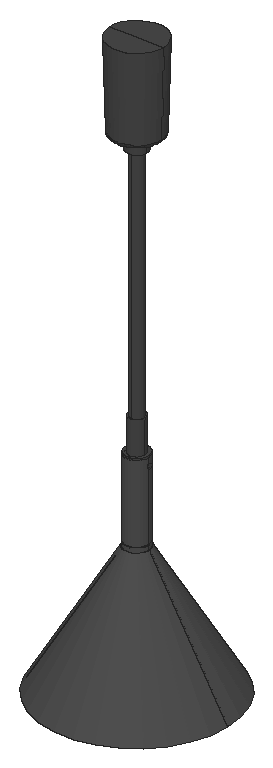
Revit family "Värmelampa Trattoria 1224 Hissfunktion", category Lighting Fixtures, host Ceiling, Revit 2020
Family settings
  Host = Ceiling
  Round Connector Dimension = Use Diameter
  Part Type = Normal
  OmniClass Number = 23.80.70.11
  OmniClass Title = Luminaries for Internal Lighting
  Always vertical = Yes
  Cut with Voids When Loaded = No
  Light Source = No
  Shared = No
  Room Calculation Point = No
Parameters (values of type "1224-TOPIS")
  Wattage Comments = "250"
  Model = ""
  Lamp Type = Värmelampa Trattoria 1224 H : 1224-TOPIS
  Lamp Hanger Material = AMA - Glossy Black
  Default Elevation = 0 mm
  Artikelnummer = "1224-TOPIS"
  Adjustable length [instance] = 900 mm
Types (5, lengths in mm): name | Lamp Type | Artikelnummer
  1224-TOPIS | Värmelampa Trattoria 1224 H : 1224-TOPIS | "1224-TOPIS"
  1224-TOPIM | Värmelampa Trattoria 1224 H : 1224-TOPIM | "1224-TOPIM"
  1224-TOPIA | Värmelampa Trattoria 1224 H : 1224-TOPIA | "1224-TOPIA"
  1224-TOPIK | Värmelampa Trattoria 1224 H : 1224-TOPIK | "1224-TOPIK"
  1224-TOPIB | Värmelampa Trattoria 1224 H : 1224-TOPIB | "1224-TOPIB"
Reference planes
  plane 1 "Light Source Axis (F/B)": y = 0
  plane 2: z = 0
  plane 3 "Light Source Axis (L/R)": x = 0
  plane 4 "Ceiling": z = 4000
  plane 5 "Light Source Elevation": z = 3750
  plane 6: z = 3100
  plane 7: x = -41
  plane 8: z = 3480
  plane 9: x = -140
  plane 10: x = 140
  plane 11: z = 3430
Forms (mm)
  Revolve 1, solid, material "AMA - Glossy Black" <- "Lamp Hanger Material"
    sketch origin (0, 0, 0) x (1, 0, 0) y (0, 0, 1)
      loop
        line (0, 4000) -> (-41, 4000) -> (-37.633, 3871.399)
        arc (-37.633, 3871.399) -> (-36.727, 3869.329) -> (-34.634, 3868.478) r 3
        line (-34.634, 3868.478) -> (-16.974, 3868.478) -> (-16, 3846.478) -> (0, 3846.478) -> (0, 4000)
      axis (0, 3846.478) -> (0, 4000)
    angle from 0 to 360
  Extrusion 2, solid, material "AMA - Glossy Black" <- "Lamp Hanger Material"
    sketch origin (-2507.68, 6000, 3446.482) x (0, 1, 0) y (1, 0, 0)
      loop
        circle (-6000, 2507.68) r 10
    from -33.518 to -399.996
Lines and regions (mm)
  symbolic lines
    curve 1: circle (0, 0, 3446.482) r 41 normal (0, 0, -1)
    curve 2: line (-98.995, -98.995, 3446.482) -> (98.995, 98.995, 3446.482)
    curve 3: line (98.995, -98.995, 3446.482) -> (-98.995, 98.995, 3446.482)
  symbolic lines, style "LightingFixtures"
    curve 4: circle (0, 0, 3446.482) r 140 normal (0, 0, -1)
Dimensions and locks
  equal spacing: host sketch curve, plane 3 "Light Source Axis (L/R)", host sketch curve
  equal spacing: host sketch curve, plane 1 "Light Source Axis (F/B)", host sketch curve
  host sketch curve to host sketch curve = 4000 mm  (x2)
  plane 4 "Ceiling" to host ceiling = 0 mm
  "Adjustable length": plane 6 to plane 4 "Ceiling"
  plane 4 "Ceiling" to plane 5 "Light Source Elevation" = 250 mm
  plane 6 to plane 8 = 380 mm
  equal spacing: plane 9, plane 3 "Light Source Axis (L/R)", plane 10
  plane 9 to plane 10 = 280 mm
  plane 6 to plane 11 = 330 mm
  plane 8 to plane 11 to plane 6 = 50 mm, 330 mm
  aligned and locked: Extrusion 2 to Revolve 1
  aligned and locked: Extrusion 2 to plane 8
  aligned and locked: plane 8 to nested 1
Automatic sketch dimensions
  plane 1 "Light Source Axis (F/B)" to Extrusion 2 sketch curve = 0 mm
  Extrusion 2 sketch curve to plane 3 "Light Source Axis (L/R)" = 0 mm
  Revolve 1 sketch curve to plane 4 "Ceiling" = 0 mm  (x2)
  Revolve 1 sketch curve to plane 7 = 0 mm
  Revolve 1 sketch curve to plane 3 "Light Source Axis (L/R)" = 0 mm  (x2)
  plane 7 to Revolve 1 sketch curve = 3.367 mm
  Revolve 1 sketch curve to Revolve 1 sketch curve = 2.999 mm
  Revolve 1 sketch curve to plane 3 "Light Source Axis (L/R)" = 16.974 mm
  Revolve 1 sketch curve to plane 3 "Light Source Axis (L/R)" = 16 mm
  Revolve 1 sketch curve to plane 5 "Light Source Elevation" = 121.478 mm
  Revolve 1 sketch curve to Revolve 1 sketch curve = 0.079 mm
  Revolve 1 sketch curve to Revolve 1 sketch curve = 22 mm
  Revolve 1 sketch curve to Revolve 1 sketch curve = 65 mm
  curve 1 to curve 4 = 0 mm  (x2)
  plane 1 "Light Source Axis (F/B)" to curve 4 = 0 mm
  curve 4 to plane 3 "Light Source Axis (L/R)" = 0 mm
  curve 3 to plane 10 = 41.005 mm
  plane 1 "Light Source Axis (F/B)" to curve 3 = 98.995 mm
  curve 2 to plane 9 = 41.005 mm
  curve 3 to plane 9 = 41.005 mm
  curve 2 to plane 10 = 41.005 mm
  plane 1 "Light Source Axis (F/B)" to curve 2 = 98.995 mm
  curve 3 to plane 1 "Light Source Axis (F/B)" = 98.995 mm
  curve 2 to plane 1 "Light Source Axis (F/B)" = 98.995 mm
  radius of Extrusion 2 sketch curve = 10 mm
  radius of curve 1 = 41 mm
  radius of curve 4 = 140 mm
Nested families
  nested 1: "Värmelampa Trattoria 1224 H" at (0, 0, 3100) x (-1, 0, 0) z (0, 0, 1), type <- "Lamp Type", type "1224-TOPIS"
Definition of nested family "Värmelampa Trattoria 1224 H"
  Parameters (values of type "1224-TOPIA")
    Main Body Material = none
    Lamp Hanger Material = none
    Default Elevation = 0 mm
  Types (5): name
    1224-TOPIA
    1224-TOPIM
    1224-TOPIK
    1224-TOPIB
    1224-TOPIS
  Reference planes
    plane 1 "Light Source Axis (F/B)": y = 0
    plane 2: z = 0
    plane 3 "Light Source Axis (L/R)": x = 0
    plane 4 "Light Source Elevation": z = 1500
    plane 5: z = 330
    plane 6: x = 140
    plane 7: x = -140
  Forms (mm)
    Extrusion 1, solid, material <- "Lamp Hanger Material"
      sketch origin (-19.079, 6000, 328.983) x (1, 0, 0) y (0, 1, 0)
        loop
          circle (19.079, -6000) r 18.057
      from -0.983 to 1.017
    Extrusion 2, solid, material <- "Lamp Hanger Material"
      sketch origin (26, -18.608, 247.088) x (-1, 0, 0) y (0, 0, -1)
        loop
          line (21.313, -49.217) -> (30.688, -49.217) -> (30.688, -30.467) -> (21.313, -30.467) -> (21.313, -49.217)
        loop
          line (22.313, -31.467) -> (22.313, -48.217) -> (29.688, -48.217) -> (29.688, -31.467) -> (22.313, -31.467)
      from -0.551 to 3
    Extrusion 3, solid, material <- "Lamp Hanger Material"
      sketch origin (-4, -20.608, 282.305) x (0, 0, 1) y (0, -1, 0)
        loop
          line (-3.75, 0) -> (13, 0) -> (11.619, 1.833)
          arc (11.619, 1.833) -> (11.146, 2.177) -> (10.561, 2.197) r 1
          arc (10.561, 2.197) -> (6.62, 1.374) -> (2.611, 1) r 35.7
          arc (2.611, 1) -> (-0.569, 0.942) -> (-3.75, 1) r 86.968
          line (-3.75, 1) -> (-3.75, 0)
      from 0.312 to 7.687
    Revolve 4, solid, material <- "Main Body Material"
      sketch origin (0, 0, 0) x (1, 0, 0) y (0, 0, 1)
        loop
          line (-140, 0) -> (-136.5, 0) -> (-15.057, 202.115) -> (-15.057, 328) -> (-18.057, 328) -> (-18.057, 208.774) -> (-17.057, 208.774) -> (-17.057, 206.899) -> (-18.057, 206.899) -> (-18.057, 200.399) -> (-19.588, 200.399) -> (-140, 0)
        axis (0, 328) -> (0, 0)
      angle from 0 to 360
    Extrusion 5, solid, material <- "Lamp Hanger Material"
      sketch origin (-1506.53, -5000, 330) x (-1, 0, 0) y (0, -1, 0)
        loop
          circle (-1506.53, -5000) r 12.5
      from 50 to 0
    Extrusion 6, solid, material <- "Lamp Hanger Material"
      sketch origin (18.428, 0, 1175.417) x (0, -1, 0) y (0, 0, 1)
        loop
          circle (0, -858.562) r 3.146
      from -1.576 to 0.371
    Extrusion 7, solid, material <- "Lamp Hanger Material"
      sketch origin (-18.428, 0, 1175.417) x (0, -1, 0) y (0, 0, -1)
        loop
          circle (0, 858.562) r 3.146
      from -1.576 to 0.371
  Dimensions and locks
    aligned and locked: level to plane 2
